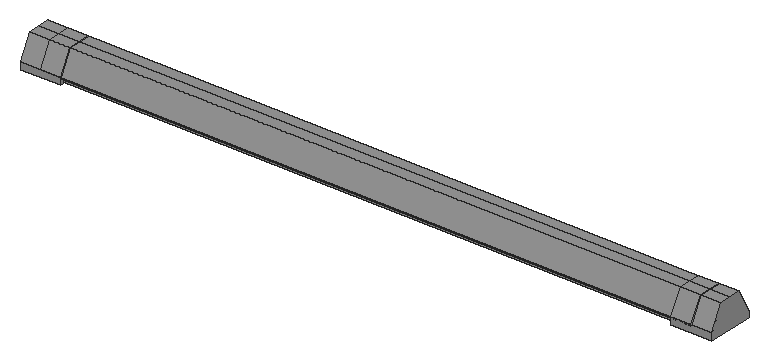
Revit family "STANCA-PLAF_ETANCHE_40W_3600LM_PC_OPALE_IP65_1200MM", category Lighting Fixtures, host Ceiling, Revit 2021
Family settings
  Host = Ceiling
  Round Connector Dimension = Use Diameter
  Part Type = Normal
  OmniClass Number = 23.80.70.11
  OmniClass Title = Luminaries for Internal Lighting
  Always vertical = Yes
  Cut with Voids When Loaded = No
  Light Source = Yes
  Shared = No
  Room Calculation Point = No
Parameters (values of type "Type 1")
  Wattage Comments = "40W"
  Wattage = 24.2356 W
  built-in parameter 1150110 = 1 (stored number, unit not read)
  URL = "https://www.lucera.fr/"
  built-in parameter 1114217 = 1 (stored number, unit not read)
  Tilt Angle = 90.00°
  built-in parameter 1150109 = 1 (stored number, unit not read)
  built-in parameter 1150134 = 12
  built-in parameter 1150113 = 1 (stored number, unit not read)
  SDCM = "<2"
  Puissance nominale = "40W"
  Photometric Web File = "google_eulumdat_converter.ies"
  Matériau = "Polycarbonate"
  Manufacturer = "Lucera - Lucera (c) 06/01/2021 16:38:23 +01:00"  # constant formula
  Maintien du flux = "L80B10 (30 000 heures)"
  Lumens = 3600 lm
  built-in parameter 1150115 = 1 (stored number, unit not read)
  built-in parameter 1150105 = 286.48 (stored number, unit not read)
  built-in parameter 1150137 = (empty or 0)
  built-in parameter 1150139 = (empty or 0)
  built-in parameter 1150112 = 1 (stored number, unit not read)
  built-in parameter 1150114 = 1 (stored number, unit not read)
  built-in parameter 1150132 = 2
  built-in parameter 1150102 = (empty or 0)
  built-in parameter 1150138 = (empty or 0)
  built-in parameter 1150107 = 4000 (stored number, unit not read)
  built-in parameter 1150106 = 2.8648 (stored number, unit not read)
  IRC = ">80"
  Emit from Line Length = 609.6 mm
  built-in parameter 1150104 = 13.8 (stored number, unit not read)
  Durée de vie = "30 000 heures"
  Driver = "Driver GS"
  Dimming Lamp Color Temperature Shift = <None>
  Dimensions = "1200x80x50 mm"
  Diffuseur = "Polycarbonate opale"
  Default Elevation = 0 mm
  Color Filter = 16777215
  built-in parameter 1114218 = 1 (stored number, unit not read)
  built-in parameter 1150133 = 10 (stored number, unit not read)
  Angle d'éclairage = "120°"
  Alimentation luminaire = "480mA / 75V dc"
  Alimentation Driver = "AC 176-265V"
Reference planes
  plane 1 "Light Source Axis (F/B)": y = 0
  plane 2: z = 0
  plane 3 "Light Source Axis (L/R)": x = 0
  plane 4 "Ceiling": z = 4000
  plane 5 "Light Source Elevation": z = 3985.905
Forms (mm)
  Extrusion 1, solid, material "Polycarbonate opale"
    sketch origin (0, 0, 4000) x (0, 1, 0) y (-1, 0, 0)
      loop
        line (35, 565) -> (-35.743, 565) -> (-35.743, -565) -> (35, -565) -> (35, 565)
    from -21.098 to -8.195
  Extrusion 2, solid, material "Polycarbonate"
    sketch origin (0, 0, 0) x (0, 1, 0) y (0, 0, 1)
      loop
        line (40, 3975) -> (40, 3986.273) -> (20, 4025) -> (0, 4025) -> (-20, 4025) -> (-40, 3986.273) -> (-40, 3975) -> (40, 3975)
    from 530 to 600
  Extrusion 3, solid, material "Polycarbonate"
    sketch origin (-1130, 0, 0) x (0, 1, 0) y (0, 0, 1)
      loop
        line (40, 3975) -> (40, 3986.273) -> (20, 4025) -> (0, 4025) -> (-20, 4025) -> (-40, 3986.273) -> (-40, 3975) -> (40, 3975)
    from 530 to 600
  Extrusion 4, solid, material "Polycarbonate"
    sketch origin (-570, 0, 0) x (0, 1, 0) y (0, 0, 1)
      loop
        line (40, 3985) -> (20, 4025) -> (0, 4025) -> (-20, 4025) -> (-40, 3986.273) -> (-40, 3985) -> (40, 3985)
    from 5 to 1135
Lines and regions (mm)
  reference lines
    curve 1: line (0, 0, 4000) -> (0, 40, 4000)
    curve 2: line (0, 0, 4000) -> (0, -40, 4000)
    curve 3: line (0, -40, 4000) -> (600, -40, 4000)
    curve 4: line (600, -40, 4000) -> (600, 40, 4000)
    curve 5: line (600, 40, 4000) -> (-600, 40, 4000)
    curve 6: line (-600, 40, 4000) -> (-600, -40, 4000)
    curve 7: line (-600, -40, 4000) -> (0, -40, 4000)
    curve 8: line (0, 0, 4000) -> (0, 0, 4025)
    curve 9: line (0, 0, 4000) -> (0, 0, 3975)
    curve 10: line (0, 0, 4000) -> (0, 0, 4025)
    curve 11: line (0, 0, 4000) -> (0, 0, 3975)
    curve 12: line (530, 40, 4000) -> (530, -40, 4000)
    curve 13: line (-530, 40, 4000) -> (-530, -40, 4000)
Dimensions and locks
  equal spacing: host sketch curve, plane 3 "Light Source Axis (L/R)", host sketch curve
  host sketch curve to plane 1 "Light Source Axis (F/B)" to host sketch curve = 2001.57 mm, 1998.43 mm
  host sketch curve to host sketch curve = 4000 mm  (x2)
  plane 4 "Ceiling" to host ceiling = 30 mm
  aligned and locked: plane 3 "Light Source Axis (L/R)" to imposter light
  aligned and locked: plane 1 "Light Source Axis (F/B)" to imposter light
  aligned and locked: plane 5 "Light Source Elevation" to imposter light
